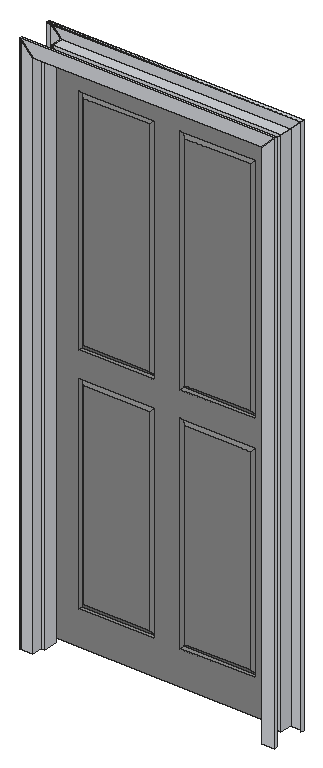
Revit family "Ext-Embossed-Door-MDMF-4-Panel-36 x 84", category Doors, host Wall, Revit 2014
Parameters (values of type "Ext-E-MDMF-4-Panel-36" x 84"")
  Width = Door Panel Width  # 3' - 0"
  Wall Thickness [instance] = 0' - 5 3/4"
  URL = ""
  Type Comments = "EXT,"
  Thickness = 0' - 1 3/4"
  Swing Angle [instance] = 90.00°
  SDI RO Spacing = 0' - 0"
  SDI Panel 1 Width = Leaf Width + 0' 0 3/16"  # 3' - 0"
  SDI No Panels = ""
  SDI HW Set [instance] = ""
  SDI HW Item LO-2 [instance] = ""
  SDI HW Item LO-1 [instance] = ""
  SDI HW Item KP-2 [instance] = ""
  SDI HW Item KP-1 [instance] = ""
  SDI HW Item HI-2 [instance] = ""
  SDI HW Item HI-1 [instance] = ""
  SDI HW Item HC-2 [instance] = ""
  SDI HW Item HC-1 [instance] = ""
  SDI HW Item ED-2 [instance] = ""
  SDI HW Item ED-1 [instance] = ""
  SDI HW Item DO-2 [instance] = ""
  SDI HW Item DO-1 [instance] = ""
  SDI HW Item CL-2 [instance] = ""
  SDI HW Item CL-1 [instance] = ""
  SDI Glass Material = Glass
  SDI Frame Type = "3 Piece"
  SDI Frame Material Type = "Hollow Metal"
  SDI Frame Material = Paint - Generic - Prime
  SDI Frame Manufacturer = ""
  SDI Frame Jamb Width = 0' - 2"
  SDI Frame Head Width = 0' - 2"
  SDI Frame Finish Type = "Painted"
  SDI Frame Finish Color = "Prime"
  SDI Frame Depth [instance] = 0' - 5 3/4"
  SDI Family Version = "1.0"
  SDI Door Top Rail Width = 0' - 7 3/4"
  SDI Door Stile Width = 0' - 6"
  SDI Door Panel Type = "N"
  SDI Door Material Type = "Hollow Metal"
  SDI Door Material = Paint - Generic - Prime
  SDI Door Manufacturer = ""
  SDI Door Glass Type = "1/4\" Tempered"
  SDI Door Finish Type = "Painted"
  SDI Door Finish Color = "Prime"
  SDI Door Configuration = "SG"
  SDI Door Bottom Rail Width = 5' - 0"
  SDI Arch Frame Type [instance] = ""
  SDI Arch Frame Material Type [instance] = "HM"
  SDI Arch Door Panel Type [instance] = "N"
  SDI Arch Door Material Type [instance] = "HM"
  Rough Width = Frame Width - 0' 0" + 2 * SDI RO Spacing  # 3' - 4"
  Rough Height = Frame Height - 0' 0" + SDI RO Spacing  # 7' - 2"
  R1 Height = 7' - 0"
  P1 Width = 3' - 2"
  Model = "Ext-E-MDMF-4-Panel-36\" x 84\""
  Manufacturer = ""
  Leaf Width = P1 Width - 0' 2 3/16"  # 2' - 11 13/16"
  Height = Door Panel Height  # 7' - 0"
  Glass Offset [instance] = 0' 2 1/16" + (SDI Frame Depth - 0' 5 3/4") / 2  # 0' - 2 1/16"
  Function = Exterior
  Frame Width = P1 Width + 0' 2"  # 3' - 4"
  Frame Offset [instance] = if(Aligned Exterior, SDI Frame Depth / 2, if(Aligned Center, Wall Thickness / 2, if(Aligned Interior, Wall Thickness - SDI Frame Depth + SDI Frame Depth / 2, Aligned Other)))  # 0' - 2 7/8"
  Frame Height = R1 Height + 0' 2"  # 7' - 2"
  Fire Rating = ""
  Exterior Glazing [instance] = no
  Door Panel Width = P1 Width - 0' 2"  # 3' - 0"
  Door Panel Height = R1 Height + 0' 2" - (0' 2")  # 7' - 0"
  Door Offset [instance] = 0' 2 13/16" + (SDI Frame Depth - 0' 5 3/4") / 2  # 0' - 2 13/16"
  Description = "Hollow Metal Door with Hollow Metal Frame 4 Panel"
  Cost = 0
  Assembly Code = "B2030120"
  Analytic Construction = "<None>"
  Aligned Other [instance] = 0' - 0"
  Aligned Interior [instance] = no
  Aligned Exterior [instance] = yes
  Aligned Center [instance] = no
  ADA Clearance Lines = no
Reference planes (in)
  plane 1: y = 0
  plane 2 "Center (Left/Right)": x = 0
  plane 3 "Wall Edge": y = 2.875
  plane 4 "Wall Interior": y = -2.875
  plane 5 "ModelRefLevel": z = 0
  plane 6 "FrameDepthPlane": y = 0
  plane 7 "FrameFront": y = 2.875
  plane 8 "FrameBack": y = -2.875
  plane 9 "V0": x = 19
  plane 10 "V1": x = -19
  plane 11 "H0": z = 1
  plane 12 "H1": z = 85
  plane 13 "DoorLeft": x = 18
  plane 14 "DoorRight": x = -18
  plane 15 "DoorCenter": x = 0
  plane 16 "DoorTop": z = 83.875
  plane 17 "DoorCenterTB": z = 41.9375
  plane 18 "DoorExtFace": y = 2.8125
  plane 19 "DoorGlassFace": y = 2.0625
  plane 20 "LockCenterLine": z = 32.5625
  plane 21 "DoorExtFace1": y = 2.0625
  plane 22 "GlassRight1": x = -11.90625
  plane 23 "ActDoorLeft": x = 17.90625
  plane 24 "SwingClrPlane": y = 62.875
  plane 25 "SwingPartialPlane": y = 50.875
  plane 26: x = -7.90625
  plane 27: x = -11.90625
  plane 28: z = 76.125
  plane 29: z = 51.125
  plane 30: z = 79
  plane 31: z = 6
  plane 32: z = 38.5
  plane 33: x = 13.90625
  plane 34: x = -13.90625
  plane 35: x = 2
  plane 36: x = -2
  plane 37: z = 42.5
  plane 38: z = 42.5
Forms (in)
  Extrusion 1, solid
    sketch origin (138.6875, 0, 43) x (-1, 0, 0) y (0, -1, 0)
      loop
        line (118.6875, -2.375) -> (118.6875, -2.875) -> (120.6875, -2.875) -> (120.6875, -0.9375) -> (121.3125, -0.9375) -> (121.3125, 1.3125) -> (120.6875, 1.3125) -> (120.6875, 2.875) -> (118.6875, 2.875) -> (118.6875, 2.4375) -> (118.75, 2.4375) -> (118.75, 2.8125) -> (120.625, 2.8125) -> (120.625, 1.25) -> (121.25, 1.25) -> (121.25, -0.875) -> (120.625, -0.875) -> (120.625, -2.8125) -> (118.75, -2.8125) -> (118.75, -2.375) -> (118.6875, -2.375)
    from -43 to 43
  Extrusion 2, void
    sketch origin (0, 2.875, 0) x (1, 0, 0) y (0, 0, 1)
      loop
        line (20, 86) -> (17.375, 86) -> (17.375, 83.375) -> (20, 86)
    from -12 to 12
  Extrusion 3, solid
    sketch origin (101.3125, 0, 43) x (-1, 0, 0) y (0, -1, 0)
      loop
        line (121.25, -2.375) -> (121.25, -2.8125) -> (119.375, -2.8125) -> (119.375, -0.875) -> (118.75, -0.875) -> (118.75, 1.25) -> (119.375, 1.25) -> (119.375, 2.8125) -> (121.25, 2.8125) -> (121.25, 2.4375) -> (121.3125, 2.4375) -> (121.3125, 2.875) -> (119.3125, 2.875) -> (119.3125, 1.3125) -> (118.6875, 1.3125) -> (118.6875, -0.9375) -> (119.3125, -0.9375) -> (119.3125, -2.875) -> (121.3125, -2.875) -> (121.3125, -2.375) -> (121.25, -2.375)
    from -43 to 43
  Extrusion 4, void
    sketch origin (0, 2.875, 0) x (1, 0, 0) y (0, 0, 1)
      loop
        line (-20, 86) -> (-17.375, 83.375) -> (-17.375, 86) -> (-20, 86)
    from -12 to 12
  Extrusion 5, solid
    sketch origin (0, 0, 84.6875) x (0, 1, 0) y (0, 0, 1)
      loop
        line (2.375, 1.25) -> (2.8125, 1.25) -> (2.8125, -0.625) -> (0.875, -0.625) -> (0.875, -1.25) -> (-1.25, -1.25) -> (-1.25, -0.625) -> (-2.8125, -0.625) -> (-2.8125, 1.25) -> (-2.4375, 1.25) -> (-2.4375, 1.3125) -> (-2.875, 1.3125) -> (-2.875, -0.6875) -> (-1.3125, -0.6875) -> (-1.3125, -1.3125) -> (0.9375, -1.3125) -> (0.9375, -0.6875) -> (2.875, -0.6875) -> (2.875, 1.3125) -> (2.375, 1.3125) -> (2.375, 1.25)
    from -20 to 20
  Extrusion 6, void
    sketch origin (0, 2.875, 0) x (1, 0, 0) y (0, 0, 1)
      loop
        line (-20, 86) -> (-20, 83.375) -> (-17.375, 83.375) -> (-20, 86)
    from -12 to 12
  Extrusion 7, void
    sketch origin (0, 2.875, 0) x (1, 0, 0) y (0, 0, 1)
      loop
        line (20, 86) -> (17.375, 83.375) -> (20, 83.375) -> (20, 86)
    from -12 to 12
  Extrusion 8, solid, material "Paint - Generic - Prime" <- "SDI Door Material"
    sketch origin (-60, 2.8125, -12) x (1, 0, 0) y (0, 0, 1)
      loop
        line (77.90625, 12.625) -> (77.90625, 95.875) -> (42.09375, 95.875) -> (42.09375, 12.625) -> (77.90625, 12.625)
    from 0 to 1.75
  Sweep 9, void
    path origin (0, 2.875, 0) x (1, 0, 0) y (0, 0, 1)
      loop
        line (13.90625, 79) -> (2, 79) -> (2, 42.5) -> (13.90625, 42.5) -> (13.90625, 79)
    profile origin (13.90625, 2.875, 60.75) x (0, -1, 0) y (1, 0, 0)
      loop
        line (0, 0) -> (0, -0.92134) -> (0.5, -0.23315) -> (0, 0)
      loop
        line (1.875, 0) -> (1.375, -0.23315) -> (1.875, -0.92134) -> (1.875, 0)
  Sweep 10, void
    path origin (0, 2.875, 0) x (1, 0, 0) y (0, 0, 1)
      loop
        line (13.90625, 38.5) -> (2, 38.5) -> (2, 6) -> (13.90625, 6) -> (13.90625, 38.5)
    profile origin (13.90625, 2.875, 22.25) x (0, -1, 0) y (1, 0, 0)
      loop
        line (0, 0) -> (0, -0.92134) -> (0.5, -0.23315) -> (0, 0)
      loop
        line (1.875, 0) -> (1.375, -0.23315) -> (1.875, -0.92134) -> (1.875, 0)
  Sweep 11, void
    path origin (0, 2.875, 0) x (1, 0, 0) y (0, 0, 1)
      loop
        line (-2, 79) -> (-13.90625, 79) -> (-13.90625, 42.5) -> (-2, 42.5) -> (-2, 79)
    profile origin (-2, 2.875, 60.75) x (0, -1, 0) y (1, 0, 0)
      loop
        line (0.0625, -0.80529) -> (0.5, -0.20312) -> (0.0625, -0.00088) -> (0.0625, -0.80529)
      loop
        line (1.8143, -0.80529) -> (1.8143, -0.00088) -> (1.3768, -0.20312) -> (1.8143, -0.80529)
  Sweep 12, void
    path origin (0, 2.875, 0) x (1, 0, 0) y (0, 0, 1)
      loop
        line (-2, 38.5) -> (-13.90625, 38.5) -> (-13.90625, 6) -> (-2, 6) -> (-2, 38.5)
    profile origin (-2, 2.875, 22.25) x (0, -1, 0) y (1, 0, 0)
      loop
        line (0.0625, -0.00088) -> (0.0625, -0.80529) -> (0.5, -0.20312) -> (0.0625, -0.00088)
      loop
        line (1.8143, -0.00088) -> (1.3768, -0.20312) -> (1.8143, -0.80529) -> (1.8143, -0.00088)
Cuts and joins
  Extrusion 2 cuts Extrusion 1
  Extrusion 4 cuts Extrusion 3
  Extrusion 6, Extrusion 7 cuts Extrusion 5
  Sweep 9, Sweep 10, Sweep 11, Sweep 12 cuts Extrusion 8
Lines and regions (in)
  Opening 1
    outline origin (-60, -2.875, 0) x (1, 0, 0) y (0, 0, 1)
      loop
        line (80, 0) -> (80, 86) -> (40, 86) -> (40, 0) -> (80, 0)
  symbolic lines, style "DoorsFrameMullionProjection", detail levels fine
    curve 1: line (20, 2.375, 0) -> (20, 2.875, 0)
    curve 2: line (20, 2.875, 0) -> (18, 2.875, 0)
    curve 3: line (18, 2.875, 0) -> (18, 0.9375, 0)
    curve 4: line (18, 0.9375, 0) -> (17.375, 0.9375, 0)
    curve 5: line (17.375, 0.9375, 0) -> (17.375, -1.3125, 0)
    curve 6: line (17.375, -1.3125, 0) -> (18, -1.3125, 0)
    curve 7: line (18, -1.3125, 0) -> (18, -2.875, 0)
    curve 8: line (18, -2.875, 0) -> (20, -2.875, 0)
    curve 9: line (20, -2.875, 0) -> (20, -2.4375, 0)
    curve 10: line (20, -2.4375, 0) -> (19.9375, -2.4375, 0)
    curve 11: line (19.9375, -2.4375, 0) -> (19.9375, -2.8125, 0)
    curve 12: line (19.9375, -2.8125, 0) -> (18.0625, -2.8125, 0)
    curve 13: line (18.0625, -2.8125, 0) -> (18.0625, -1.25, 0)
    curve 14: line (18.0625, -1.25, 0) -> (17.4375, -1.25, 0)
    curve 15: line (17.4375, -1.25, 0) -> (17.4375, 0.875, 0)
    curve 16: line (17.4375, 0.875, 0) -> (18.0625, 0.875, 0)
    curve 17: line (18.0625, 0.875, 0) -> (18.0625, 2.8125, 0)
    curve 18: line (18.0625, 2.8125, 0) -> (19.9375, 2.8125, 0)
    curve 19: line (19.9375, 2.8125, 0) -> (19.9375, 2.375, 0)
    curve 20: line (19.9375, 2.375, 0) -> (20, 2.375, 0)
    curve 25: line (-19.9375, 2.375, 0) -> (-19.9375, 2.8125, 0)
    curve 26: line (-19.9375, 2.8125, 0) -> (-18.0625, 2.8125, 0)
    curve 27: line (-18.0625, 2.8125, 0) -> (-18.0625, 0.875, 0)
    curve 28: line (-18.0625, 0.875, 0) -> (-17.4375, 0.875, 0)
    curve 29: line (-17.4375, 0.875, 0) -> (-17.4375, -1.25, 0)
    curve 30: line (-17.4375, -1.25, 0) -> (-18.0625, -1.25, 0)
    curve 31: line (-18.0625, -1.25, 0) -> (-18.0625, -2.8125, 0)
    curve 32: line (-18.0625, -2.8125, 0) -> (-19.9375, -2.8125, 0)
    curve 33: line (-19.9375, -2.8125, 0) -> (-19.9375, -2.4375, 0)
    curve 34: line (-19.9375, -2.4375, 0) -> (-20, -2.4375, 0)
    curve 35: line (-20, -2.4375, 0) -> (-20, -2.875, 0)
    curve 36: line (-20, -2.875, 0) -> (-18, -2.875, 0)
    curve 37: line (-18, -2.875, 0) -> (-18, -1.3125, 0)
    curve 38: line (-18, -1.3125, 0) -> (-17.375, -1.3125, 0)
    curve 39: line (-17.375, -1.3125, 0) -> (-17.375, 0.9375, 0)
    curve 40: line (-17.375, 0.9375, 0) -> (-18, 0.9375, 0)
    curve 41: line (-18, 0.9375, 0) -> (-18, 2.875, 0)
    curve 42: line (-18, 2.875, 0) -> (-20, 2.875, 0)
    curve 43: line (-20, 2.875, 0) -> (-20, 2.375, 0)
    curve 44: line (-20, 2.375, 0) -> (-19.9375, 2.375, 0)
  symbolic lines, style "DoorsFrameMullionProjection", detail levels coarse+medium
    curve 21: line (18, -2.875, 0) -> (20, -2.875, 0)
    curve 22: line (18, 2.875, 0) -> (20, 2.875, 0)
    curve 23: line (18, -2.875, 0) -> (18, 2.875, 0)
    curve 24: line (20, -2.875, 0) -> (20, 2.875, 0)
    curve 45: line (-20, -2.875, 0) -> (-18, -2.875, 0)
    curve 46: line (-20, 2.875, 0) -> (-18, 2.875, 0)
    curve 47: line (-20, -2.875, 0) -> (-20, 2.875, 0)
    curve 48: line (-18, -2.875, 0) -> (-18, 2.875, 0)
  symbolic lines, style "Elevation Swing"
    curve 49: line (-17.90625, 2.875, 83.875) -> (17.90625, 2.875, 41.9375)
    curve 50: line (-17.90625, 2.875, 0) -> (17.90625, 2.875, 41.9375)
  symbolic lines, style "ADA Clearance", visible <- "ADA Clearance Lines"
    curve 51: line (20, 2.875, 0) -> (20, 62.875, 0)
    curve 52: line (-36, 62.875, 0) -> (20, 62.875, 0)
    curve 53: line (-36, 50.875, 0) -> (20, 50.875, 0)
    curve 54: line (-36, 2.875, 0) -> (-36, 62.875, 0)
    curve 55: line (20, -2.875, 0) -> (20, -50.875, 0)
    curve 56: line (-30, -50.875, 0) -> (20, -50.875, 0)
    curve 57: line (-30, -2.875, 0) -> (-30, -50.875, 0)
Text (in)
  text "Placement Side" at (0, 40.15149, 123.01588), in view "Right"
  text "Placement Side" at (-70.3804, 28.46503, 0), in view "Ref. Level"
  text "Placement Side" at (0, 81.62555, 140.59947), in view "Left"
Dimensions and locks (in)
  locked: plane 3 "Wall Edge" to host wall
  equal spacing: host wall, plane 2 "Center (Left/Right)", host wall
  "Rough Width": host wall to host wall
  "Rough Height": level to host wall
  equal spacing: plane 3 "Wall Edge", plane 1, plane 4 "Wall Interior"
  "Wall Thickness": host wall to host wall
  "Frame Offset": plane 3 "Wall Edge" to plane 6 "FrameDepthPlane"
  equal spacing: plane 7 "FrameFront", plane 6 "FrameDepthPlane", plane 8 "FrameBack"
  "SDI Frame Depth": plane 7 "FrameFront" to plane 8 "FrameBack"
  equal spacing: plane 9 "V0", plane 2 "Center (Left/Right)", plane 10 "V1"
  "P1 Width": plane 9 "V0" to plane 10 "V1"
  "R1 Height": plane 11 "H0" to plane 12 "H1"
  locked: plane 12 "H1" to Extrusion 1 at 1
  locked: plane 11 "H0" to Extrusion 1 at 1
  locked: plane 9 "V0" to Extrusion 1 at 1  (x4)
  locked: plane 9 "V0" to Extrusion 1 at 0.9375  (x5)
  locked: plane 9 "V0" to Extrusion 1 at 1.5625
  locked: plane 9 "V0" to Extrusion 1 at 1.625
  locked: plane 12 "H1" to Extrusion 3 at 1
  locked: plane 11 "H0" to Extrusion 3 at 1
  locked: plane 10 "V1" to Extrusion 3 at 0.9375  (x4)
  locked: plane 10 "V1" to Extrusion 3 at 1  (x5)
  locked: plane 10 "V1" to Extrusion 3 at 1.625
  locked: plane 10 "V1" to Extrusion 3 at 1.5625
  locked: plane 9 "V0" to Extrusion 5 at 1
  locked: plane 10 "V1" to Extrusion 5 at 1
  locked: plane 12 "H1" to Extrusion 5 at 0.9375  (x5)
  locked: plane 12 "H1" to Extrusion 5 at 1.5625
  locked: plane 12 "H1" to Extrusion 5 at 1  (x4)
  locked: plane 12 "H1" to Extrusion 5 at 1.625
  locked: plane 7 "FrameFront" to cut or joined group of Extrusion 1, Extrusion 2 at 1.9375
  locked: plane 7 "FrameFront" to cut or joined group of Extrusion 1, Extrusion 2 at 2
  locked: plane 7 "FrameFront" to cut or joined group of Extrusion 1, Extrusion 2 at 0.0625
  locked: plane 7 "FrameFront" to cut or joined group of Extrusion 1, Extrusion 2 at 0.5
  locked: plane 8 "FrameBack" to cut or joined group of Extrusion 1, Extrusion 2 at 1.5625
  locked: plane 8 "FrameBack" to cut or joined group of Extrusion 1, Extrusion 2 at 0.4375
  locked: plane 8 "FrameBack" to cut or joined group of Extrusion 1, Extrusion 2 at 0.0625
  locked: plane 8 "FrameBack" to cut or joined group of Extrusion 1, Extrusion 2 at 1.625
  locked: plane 7 "FrameFront" to cut or joined group of Extrusion 3, Extrusion 4 at 0.0625
  locked: plane 7 "FrameFront" to cut or joined group of Extrusion 3, Extrusion 4 at 2
  locked: plane 7 "FrameFront" to cut or joined group of Extrusion 3, Extrusion 4 at 1.9375
  locked: plane 7 "FrameFront" to cut or joined group of Extrusion 3, Extrusion 4 at 0.5
  locked: plane 8 "FrameBack" to cut or joined group of Extrusion 3, Extrusion 4 at 1.625
  locked: plane 8 "FrameBack" to cut or joined group of Extrusion 3, Extrusion 4 at 0.0625
  locked: plane 8 "FrameBack" to cut or joined group of Extrusion 3, Extrusion 4 at 0.4375
  locked: plane 8 "FrameBack" to cut or joined group of Extrusion 3, Extrusion 4 at 1.5625
  locked: plane 7 "FrameFront" to cut or joined group of Extrusion 5, Extrusion 6, Extrusion 7 at 0.0625
  locked: plane 7 "FrameFront" to cut or joined group of Extrusion 5, Extrusion 6, Extrusion 7 at 2
  locked: plane 7 "FrameFront" to cut or joined group of Extrusion 5, Extrusion 6, Extrusion 7 at 1.9375
  locked: plane 7 "FrameFront" to cut or joined group of Extrusion 5, Extrusion 6, Extrusion 7 at 0.5
  locked: plane 8 "FrameBack" to cut or joined group of Extrusion 5, Extrusion 6, Extrusion 7 at 1.625
  locked: plane 8 "FrameBack" to cut or joined group of Extrusion 5, Extrusion 6, Extrusion 7 at 0.0625
  locked: plane 8 "FrameBack" to cut or joined group of Extrusion 5, Extrusion 6, Extrusion 7 at 0.4375
  locked: plane 8 "FrameBack" to cut or joined group of Extrusion 5, Extrusion 6, Extrusion 7 at 1.5625
  locked: plane 7 "FrameFront" to curve 4 at 1.9375
  locked: plane 7 "FrameFront" to curve 16 at 2
  locked: plane 7 "FrameFront" to curve 18 at 0.0625
  locked: plane 7 "FrameFront" to curve 20 at 0.5
  locked: plane 7 "FrameFront" to curve 26 at 0.0625
  locked: plane 7 "FrameFront" to curve 28 at 2
  locked: plane 7 "FrameFront" to curve 40 at 1.9375
  locked: plane 7 "FrameFront" to curve 44 at 0.5
  locked: plane 8 "FrameBack" to curve 6 at 1.5625
  locked: plane 8 "FrameBack" to curve 10 at 0.4375
  locked: plane 8 "FrameBack" to curve 12 at 0.0625
  locked: plane 8 "FrameBack" to curve 14 at 1.625
  locked: plane 8 "FrameBack" to curve 30 at 1.625
  locked: plane 8 "FrameBack" to curve 32 at 0.0625
  locked: plane 8 "FrameBack" to curve 34 at 0.4375
  locked: plane 8 "FrameBack" to curve 38 at 1.5625
  locked: plane 9 "V0" to plane 13 "DoorLeft" at 1
  locked: plane 10 "V1" to plane 14 "DoorRight" at 1
  locked: plane 12 "H1" to plane 16 "DoorTop" at 1.125
  equal spacing: plane 16 "DoorTop", plane 17 "DoorCenterTB", plane 5 "ModelRefLevel"
  "Door Offset": plane 6 "FrameDepthPlane" to plane 18 "DoorExtFace"
  "Glass Offset": plane 6 "FrameDepthPlane" to plane 19 "DoorGlassFace"
  plane 20 "LockCenterLine" to plane 5 "ModelRefLevel" = 2' - 8 9/16"
  locked: Extrusion 8 to Extrusion 8 at 1.75
  locked: plane 6 "FrameDepthPlane" to plane 21 "DoorExtFace1" at 2.0625
  locked: plane 14 "DoorRight" to plane 22 "GlassRight1" at 6.09375
  locked: plane 13 "DoorLeft" to Extrusion 8 at 0.09375
  locked: plane 14 "DoorRight" to Extrusion 8 at 0.09375
  locked: plane 5 "ModelRefLevel" to Extrusion 8 at 0.625
  locked: plane 13 "DoorLeft" to plane 23 "ActDoorLeft" at 0.09375
  locked: plane 3 "Wall Edge" to plane 24 "SwingClrPlane" at 60
  locked: plane 3 "Wall Edge" to plane 25 "SwingPartialPlane" at 48
  locked: plane 27 to plane 14 "DoorRight" at 6.09375
  plane 26 to plane 27 = 0' - 4"
  locked: plane 29 to plane 28 at 25
  locked: plane 28 to plane 12 "H1" at 8.875
  locked: plane 30 to plane 12 "H1" at 6
  locked: plane 11 "H0" to plane 31 at 5
  locked: plane 23 "ActDoorLeft" to plane 33 at 4
  locked: plane 34 to plane 14 "DoorRight" at 4.09375
  locked: plane 15 "DoorCenter" to plane 35 at 2
  locked: plane 15 "DoorCenter" to plane 36 at 2
  locked: plane 32 to plane 37 at 4
  locked: plane 38 to plane 37 at 0
  equal spacing: plane 31, plane 38, plane 30
  aligned and locked: plane 4 "Wall Interior" to host wall
  aligned and locked: cut or joined group of Extrusion 1, Extrusion 2 to plane 7 "FrameFront"
  aligned and locked: plane 8 "FrameBack" to cut or joined group of Extrusion 1, Extrusion 2
  aligned and locked: cut or joined group of Extrusion 3, Extrusion 4 to plane 7 "FrameFront"
  aligned and locked: plane 8 "FrameBack" to cut or joined group of Extrusion 3, Extrusion 4
  aligned and locked: cut or joined group of Extrusion 5, Extrusion 6, Extrusion 7 to plane 7 "FrameFront"
  aligned and locked: plane 8 "FrameBack" to cut or joined group of Extrusion 5, Extrusion 6, Extrusion 7
  aligned and locked: curve 2 to plane 7 "FrameFront"
  aligned and locked: plane 7 "FrameFront" to curve 22
  aligned and locked: curve 42 to plane 7 "FrameFront"
  aligned and locked: plane 7 "FrameFront" to curve 46
  aligned and locked: plane 8 "FrameBack" to curve 8
  aligned and locked: plane 8 "FrameBack" to curve 36
  aligned and locked: Extrusion 8 to plane 18 "DoorExtFace"
  aligned and locked: Extrusion 8 to plane 16 "DoorTop"
  aligned and locked: plane 7 "FrameFront" to nested 1
  aligned and locked: plane 23 "ActDoorLeft" to nested 1
  aligned and locked: plane 24 "SwingClrPlane" to curve 52
  aligned and locked: plane 25 "SwingPartialPlane" to curve 53
  aligned and locked: Sweep 9 sketch curve to plane 30
  aligned and locked: Sweep 9 sketch curve to plane 33
  aligned and locked: Sweep 10 sketch curve to plane 31
  aligned and locked: Sweep 10 sketch curve to plane 32
  aligned and locked: Sweep 10 sketch curve to plane 33
  aligned and locked: Sweep 9 sketch curve to plane 35
  aligned and locked: Sweep 10 sketch curve to plane 35
  aligned and locked: plane 36 to Sweep 11 sketch curve
  aligned and locked: plane 30 to Sweep 11 sketch curve
  aligned and locked: plane 34 to Sweep 11 sketch curve
  aligned and locked: plane 36 to Sweep 12 sketch curve
  aligned and locked: plane 34 to Sweep 12 sketch curve
  aligned and locked: plane 31 to Sweep 12 sketch curve
  aligned and locked: plane 32 to Sweep 12 sketch curve
  aligned and locked: Sweep 9 sketch curve to plane 37
  aligned and locked: Sweep 11 sketch curve to plane 37
Automatic sketch dimensions
  Opening 1 sketch curve to level = 0' - 0"
  Opening 1 sketch curve to plane 2 "Center (Left/Right)" = 1' - 8"
  plane 2 "Center (Left/Right)" to Opening 1 sketch curve = 1' - 8"
  level to Opening 1 sketch curve = 7' - 2"
  Extrusion 2 sketch curve to plane 9 "V0" = 0' - 1 5/8"
  plane 9 "V0" to Extrusion 2 sketch curve = 0' - 1"
  plane 12 "H1" to Extrusion 2 sketch curve = 0' - 1 5/8"
  Extrusion 2 sketch curve to plane 12 "H1" = 0' - 1"
  Extrusion 1 sketch curve to host wall = 0' - 0"
  host wall to Extrusion 1 sketch curve = 0' - 0"
  Extrusion 1 sketch curve to host wall = 0' - 0 1/2"
  plane 2 "Center (Left/Right)" to Extrusion 1 sketch curve = 1' - 8"  (x2)
  Extrusion 1 sketch curve to host wall = 0' - 0 7/16"
  Extrusion 1 sketch curve to Extrusion 1 sketch curve = 0' - 0 1/16"  (x7)
  plane 2 "Center (Left/Right)" to Extrusion 1 sketch curve = 1' - 6 1/16"  (x2)
  Extrusion 1 sketch curve to host wall = 0' - 0 1/16"  (x2)
  Extrusion 1 sketch curve to Extrusion 1 sketch curve = 0' - 0 9/16"
  Extrusion 1 sketch curve to host wall = 0' - 0 15/16"
  host wall to Extrusion 1 sketch curve = 0' - 1 1/4"
  plane 9 "V0" to curve 1 = 0' - 1"
  curve 6 to curve 5 = 0' - 0 5/8"
  curve 7 to plane 9 "V0" = 0' - 1"
  curve 9 to curve 10 = 0' - 0 1/16"
  curve 12 to curve 7 = 0' - 0 1/16"
  curve 14 to curve 5 = 0' - 0 1/16"
  curve 16 to curve 3 = 0' - 0 1/16"
  curve 1 to curve 18 = 0' - 0 1/16"
  Extrusion 4 sketch curve to plane 10 "V1" = 0' - 1"
  plane 10 "V1" to Extrusion 4 sketch curve = 0' - 1 5/8"
  plane 12 "H1" to Extrusion 4 sketch curve = 0' - 1 5/8"
  Extrusion 4 sketch curve to plane 12 "H1" = 0' - 1"
  host wall to Extrusion 3 sketch curve = 0' - 0"
  Extrusion 3 sketch curve to host wall = 0' - 0"
  Extrusion 3 sketch curve to plane 2 "Center (Left/Right)" = 1' - 5 3/8"
  Extrusion 3 sketch curve to Extrusion 3 sketch curve = 0' - 0 1/16"  (x7)
  Extrusion 3 sketch curve to Extrusion 3 sketch curve = 0' - 0 9/16"  (x2)
  Extrusion 3 sketch curve to host wall = 0' - 0 7/16"
  Extrusion 3 sketch curve to plane 2 "Center (Left/Right)" = 1' - 7 15/16"  (x2)
  Extrusion 3 sketch curve to host wall = 0' - 0 1/2"
  Extrusion 3 sketch curve to host wall = 0' - 0 1/16"  (x2)
  Extrusion 3 sketch curve to host wall = 0' - 0 15/16"
  host wall to Extrusion 3 sketch curve = 0' - 1 1/4"
  plane 10 "V1" to curve 26 = 0' - 0 15/16"
  curve 29 to curve 30 = 0' - 0 5/8"
  curve 32 to plane 10 "V1" = 0' - 0 15/16"
  curve 33 to curve 34 = 0' - 0 1/16"
  curve 36 to curve 31 = 0' - 0 1/16"
  curve 38 to curve 29 = 0' - 0 1/16"
  curve 40 to curve 27 = 0' - 0 1/16"
  curve 25 to curve 42 = 0' - 0 1/16"
  Extrusion 6 sketch curve to plane 10 "V1" = 0' - 1"
  plane 10 "V1" to Extrusion 6 sketch curve = 0' - 1 5/8"
  plane 12 "H1" to Extrusion 6 sketch curve = 0' - 1 5/8"
  Extrusion 6 sketch curve to plane 12 "H1" = 0' - 1"
  Extrusion 7 sketch curve to plane 9 "V0" = 0' - 1 5/8"
  plane 9 "V0" to Extrusion 7 sketch curve = 0' - 1"
  plane 12 "H1" to Extrusion 7 sketch curve = 0' - 1 5/8"
  Extrusion 7 sketch curve to plane 12 "H1" = 0' - 1"
  Extrusion 5 sketch curve to host wall = 0' - 0"  (x2)
  Extrusion 5 sketch curve to host wall = 0' - 0 1/16"  (x2)
  Extrusion 5 sketch curve to Extrusion 5 sketch curve = 0' - 0 3/8"
  host wall to Extrusion 5 sketch curve = 0' - 1 5/16"
  Extrusion 5 sketch curve to Extrusion 5 sketch curve = 0' - 0 1/16"  (x7)
  Extrusion 5 sketch curve to host wall = 0' - 0 7/8"
  Extrusion 5 sketch curve to host wall = 0' - 0 1/2"
  level to Extrusion 5 sketch curve = 6' - 11 3/8"
  Extrusion 5 sketch curve to Extrusion 5 sketch curve = 0' - 0 9/16"  (x2)
  Extrusion 5 sketch curve to plane 11 "H0" = 7' - 0 15/16"  (x2)
  Extrusion 8 sketch curve to plane 16 "DoorTop" = 0' - 0"
  plane 14 "DoorRight" to Extrusion 8 sketch curve = 0' - 0 3/32"
  Extrusion 8 sketch curve to plane 13 "DoorLeft" = 0' - 0 3/32"
  plane 11 "H0" to Extrusion 8 sketch curve = 0' - 0 3/8"
  curve 49 to plane 16 "DoorTop" = 0' - 0"
  curve 49 to plane 17 "DoorCenterTB" = 0' - 0"
  plane 14 "DoorRight" to curve 49 = 0' - 0 3/32"
  curve 50 to level = 0' - 0"
  curve 50 to plane 23 "ActDoorLeft" = 0' - 0"
  plane 14 "DoorRight" to curve 50 = 0' - 0 3/32"
  curve 51 to host wall = 0' - 0"
  plane 9 "V0" to curve 51 = 0' - 1"
  curve 54 to host wall = 0' - 0"
  host wall to curve 55 = 0' - 0"
  plane 9 "V0" to curve 55 = 0' - 1"
  host wall to curve 55 = 4' - 0"
  curve 56 to plane 10 "V1" = 0' - 11"
  host wall to curve 57 = 0' - 0"
  curve 57 to curve 54 = 0' - 6"
  profile plane to Sweep 9 sketch curve = 0' - 0"
  profile plane to Sweep 9 sketch curve = 0' - 0.23315"  (x2)
  profile plane to Sweep 9 sketch curve = 0' - 0 1/2"
  Sweep 9 sketch curve to Sweep 9 sketch curve = 0' - 0 7/8"
  Sweep 9 sketch curve to Sweep 9 sketch curve = 0' - 0 1/2"
  profile plane to Sweep 9 sketch curve = 0' - 0.92134"  (x2)
  Sweep 9 sketch curve to profile plane = 0' - 0"  (x2)
  profile plane to Sweep 10 sketch curve = 0' - 0"
  profile plane to Sweep 10 sketch curve = 0' - 0.23315"  (x2)
  profile plane to Sweep 10 sketch curve = 0' - 0 1/2"
  Sweep 10 sketch curve to Sweep 10 sketch curve = 0' - 0 7/8"
  Sweep 10 sketch curve to Sweep 10 sketch curve = 0' - 0 1/2"
  profile plane to Sweep 10 sketch curve = 0' - 0.92134"  (x2)
  Sweep 10 sketch curve to profile plane = 0' - 0"  (x2)
  plane 7 "FrameFront" to Sweep 11 sketch curve = 0' - 0 1/16"
  profile plane to Sweep 11 sketch curve = 0' - 0 13/64"  (x2)
  Sweep 11 sketch curve to Sweep 11 sketch curve = 0' - 0 7/16"  (x2)
  Sweep 11 sketch curve to Sweep 11 sketch curve = 0' - 0.8768"
  profile plane to Sweep 11 sketch curve = 0' - 0.80529"
  Sweep 11 sketch curve to Sweep 11 sketch curve = 0' - 0.60217"
  profile plane to Sweep 11 sketch curve = 0' - 0.00088"  (x2)
  profile plane to Sweep 12 sketch curve = 0' - 0.00088"  (x2)
  plane 7 "FrameFront" to Sweep 12 sketch curve = 0' - 0 1/16"
  profile plane to Sweep 12 sketch curve = 0' - 0 13/64"  (x2)
  Sweep 12 sketch curve to Sweep 12 sketch curve = 0' - 0 7/16"  (x2)
  Sweep 12 sketch curve to Sweep 12 sketch curve = 0' - 0.8768"
  Sweep 12 sketch curve to Sweep 12 sketch curve = 0' - 0.60217"
  profile plane to Sweep 12 sketch curve = 0' - 0.80529"
Nested families (in)
  nested 1: "SingleDoorPlanLines" at (17.90625, 2.875, 0.625), type "SingleDoorPlanLines"
Definition of nested family "SingleDoorPlanLines"
  Parameters (values of type "SingleDoorPlanLines")
    Width = 3' - 0"
    URL = ""
    Thickness = 0' - 1 3/4"
    Analytic Construction = "<None>"
    Swing Angle = 90.00°
  Reference planes (in)
    plane 1 "Front": y = 0
    plane 2: z = 0
    plane 3 "Right": x = 0
    plane 4 "Left": x = -36
  Lines and regions (in)
    symbolic lines, style "DoorsPanelProjection"
      curve 1: line (0, 0, 0) -> (0, 36, 0)
      curve 2: line (0, 36, 0) -> (-1.75, 36, 0)
      curve 3: line (-1.75, 36, 0) -> (-1.75, 0, 0)
      curve 4: line (-1.75, 0, 0) -> (0, 0, 0)
    model lines, style "InvisibleLines", not visible
      curve 5: line (0, 0, 0) -> (-38.99851, -0.34033, 0)
    symbolic lines, style "Plan Swing"
      curve 6: arc (-35.99863, -0.31416, 0) -> (-25.56667, 25.34453, 0) -> (0, 36, 0) r 36
  Dimensions and locks (in)
    "Thickness": curve 3 to curve 1
    "Width": curve 2 to curve 4
    "Width": plane 4 "Left" to plane 3 "Right"
    "Swing Angle": angle curve 1 to plane 1 "Front"
    locked: plane 1 "Front" to curve 5 (angle 0.50°)
  Automatic sketch dimensions
    curve 6 to plane 1 "Front" = 0' - 0"
    curve 6 to plane 3 "Right" = 0' - 0"
    curve 4 to plane 1 "Front" = 0' - 0"
    curve 4 to plane 3 "Right" = 0' - 0"
